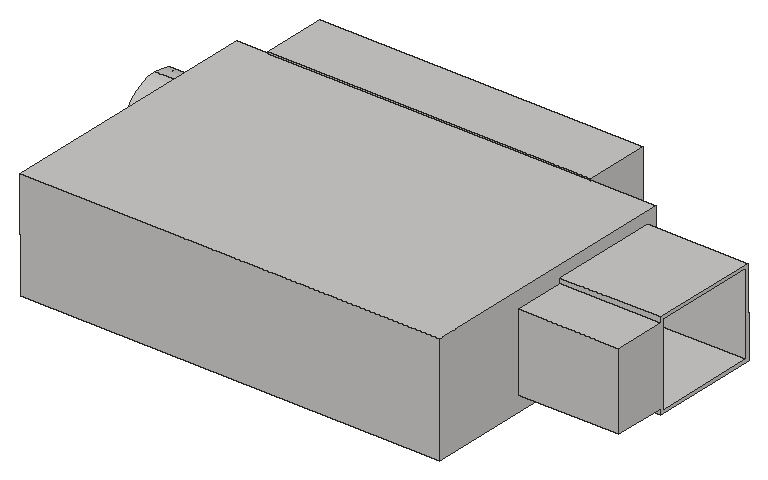
Revit family
Parameters
  Width = 2' - 2"
  Voltage = 480 V
  Unit Weight = "136.0 lbs"
  URL = "http://www.titus-hvac.com/"
  UL = "181"
  Supply Air Flow [instance] = 0 CFM
  Primary Air Pressure Drop [instance] = 0.00 in-wg
  Primary Air Flow [instance] = 0 CFM
  Plenum Air Pressure Drop [instance] = 0.00 in-wg
  Plenum Air Flow [instance] = 0 CFM
  Outlet Width = 0' - 10 1/2"
  Outlet Vertical Offset = 0' - 2 1/4"
  Outlet Horizontal Offset = 0' - 1 1/16"
  Outlet Height = 0' - 8 3/8"
  Number of Poles = 3
  Nominal Width = Width + 0' 6 1/4"  # 2' - 8 1/4"
  Nominal Length = Length + 0' 3 3/8" + 0' 9 3/4"  # 4' - 5 3/8"
  Nominal Inlet Size = 0' - 8"
  Nominal Height = 0' - 10 5/8"
  NFPA = "90A"
  Motor on Phase [instance] = 1
  Motor Full Load Amps [instance] = 1.2 A
  Model = "DFLS"
  Min. Air Flow = 0 CFM
  Max. Air Flow = 900 CFM
  Material = Steel
  Manufacturer = "Titus"
  Lynergy Controlled Heater = no
  Length = 3' - 4 1/4"
  Juction Box Offset = 0' - 3"
  Inlet Diameter = Nominal Inlet Size - 0' 0 1/8"  # 0' - 7 7/8"
  Induced Air Inlet Vertical Offset = 0' - 0 5/8"
  Induced Air Inlet Horizontal Offset = 0' - 0 7/8"
  Induced Air Inlet Width = 1' - 2 5/8"
  Induced Air Inlet Height = 0' - 8 3/4"
  Induced Air Filter = no
  Height = 0' - 10 1/2"
  Heating Total Capacity [instance] = 0 Btu/h
  Half Outlet Connection Width = Outlet Width / 2  # 0' - 5 1/4"
  Half Outlet Connection Height = Outlet Height / 2  # 0' - 4 3/16"
  Half Height Start = -(Height / 2)  # -0' - 5 1/4"
  Half Height End = Height / 2  # 0' - 5 1/4"
  HP-Motor = "1/6"
  Fuse Block = no
  Frequency = 60 Hz
  Foil Face Liner = Choose Liner Option = 1  # no
  Fiber Free Liner = Choose Liner Option = 2  # no
  Electric Heat Power [instance] = 0 VA
  Duct Radius = Nominal Inlet Size / 2  # 0' - 4"
  Disconnect Switch = no
  Description = "Series Fan Powered Terminal Unit, Direct Digital Control, Pressure Independent, Low Profile"
  Connection Void Radius = Connection Radius - 0' 0 1/4"  # 0' - 3 11/16"
  Connection Radius = Inlet Diameter / 2  # 0' - 3 15/16"
  Choose Liner Option = 0
  CADworks URL = "www.CADworks.net"
  Assembly Code = "D3040100"
  Apparent Load Phase C [instance] = Electric Heat Power / 3 + if(Motor on Phase = 3, Motor Full Load Amps * 277 V, 0 VA)  # 0 VA
  Apparent Load Phase B [instance] = Electric Heat Power / 3 + if(Motor on Phase = 2, Motor Full Load Amps * 277 V, 0 VA)  # 0 VA
  Apparent Load Phase A [instance] = Electric Heat Power / 3 + if(Motor on Phase = 1, Motor Full Load Amps * 277 V, 0 VA)  # 332.4 VA
  Air Inlet Offset = 0' - 5 5/8"
  1/2" Fiberglass Liner = Choose Liner Option = 0  # yes
Reference planes (in)
  plane 1 "Center (Front/Back)": y = 0
  plane 2: z = 0
  plane 3 "Center (Left/Right)": x = 3
  plane 4: x = -17.125
  plane 5: x = 23.125
  plane 6: x = -14.125
  plane 7: x = -20.5
  plane 8 "Center (Elevation)": z = 0
  plane 9: y = -13
  plane 10: y = 13
  plane 11: y = 7.375
  plane 12: y = -12.125
  plane 13: y = 19.25
  plane 14: x = 32.875
  plane 15: x = -11.125
  plane 16: z = 5.25
  plane 17: z = -5.25
Forms (in)
  Extrusion 1, solid, material "Steel" <- "Material"
    sketch origin (0, 0, 0) x (1, 0, 0) y (0, 1, 0)
      loop
        line (-17.125, 13) -> (-17.125, -13) -> (23.125, -13) -> (23.125, 13) -> (-17.125, 13)
    from -5.25 <- "Half Height Start" to 5.25 <- "Half Height End"
  Extrusion 2, solid, material "Steel" <- "Material"
    sketch origin (4.5, 0, -4.25) x (1, 0, 0) y (0, 1, 0)
      loop
        line (-18.625, 13) -> (12.375, 13) -> (12.375, 19.25) -> (-18.625, 19.25) -> (-18.625, 13)
    from 0 to 9.625
  Extrusion 3, solid, material "Steel" <- "Material"
    sketch origin (-24.875, -5.125, 0) x (0, 0, -1) y (0, 1, 0)
      loop
        circle (0, 12.5) r 3.9375
    from 4.375 to 7.75
  Extrusion 4, void
    sketch origin (-24.875, 0, 0) x (0, 1, 0) y (0, 0, 1)
      loop
        circle (7.375, 0) r 3.6875
    from 4.375 to 13.75
  Extrusion 5, void
    sketch origin (-17.125, -13, 0) x (0, -1, 0) y (0, 0, -1)
      loop
        line (-15.5, -4.125) -> (-0.875, -4.125) -> (-0.875, 4.625) -> (-15.5, 4.625) -> (-15.5, -4.125)
    from 0 to 6
  Extrusion 6, solid, material "Steel" <- "Material"
    sketch origin (23.125, 42.625, 0) x (0, -1, 0) y (0, 0, -1)
      loop
        line (46.25, -3.6875) -> (46.25, 3.6875) -> (41.25, 3.6875) -> (41.25, 4.1875) -> (30.75, 4.1875) -> (30.75, -4.1875) -> (41.25, -4.1875) -> (41.25, -3.6875) -> (46.25, -3.6875)
      loop
        line (41, -3.9375) -> (41, 3.9375) -> (31, 3.9375) -> (31, -3.9375) -> (41, -3.9375)
    from 0 to 9.75
Cuts and joins
  Extrusion 4, Extrusion 5 cuts Extrusion 1
  Extrusion 4 cuts Extrusion 3
Dimensions and locks (in)
  "Length": plane 5 to plane 4
  equal spacing: plane 5, plane 3 "Center (Left/Right)", plane 4, locked at 20.125 each
  locked: Extrusion 2 to Extrusion 2 at 31
  "Juction Box Offset": plane 6 to plane 4
  locked: plane 4 to plane 7 at 3.375
  "Width": plane 9 to plane 10
  equal spacing: plane 9, plane 1 "Center (Front/Back)", plane 10, locked at 13 each
  locked: Extrusion 2 to Extrusion 2 at 6.25
  locked: cut or joined group of Extrusion 3, Extrusion 4 to plane 11 at 0
  locked: Extrusion 4 sketch curve to plane 11 at 0  (x2)
  "Air Inlet Offset": plane 10 to plane 11
  locked: cut or joined group of Extrusion 3, Extrusion 4 to cut or joined group of Extrusion 3, Extrusion 4 at 3.375
  "Induced Air Inlet Horizontal Offset": plane 9 to plane 12
  "Induced Air Inlet Width": Extrusion 5 sketch curve to Extrusion 5 sketch curve
  "Induced Air Inlet Height": Extrusion 5 sketch curve to Extrusion 5 sketch curve
  "Induced Air Inlet Horizontal Offset": Extrusion 5 sketch curve to plane 9
  locked: Extrusion 6 sketch curve to Extrusion 6 sketch curve at 5  (x2)
  locked: Extrusion 3 sketch curve to level at 0
  locked: Extrusion 3 sketch curve to plane 11 at 0
  locked: Extrusion 4 sketch curve to level at 0
  "Induced Air Inlet Vertical Offset": cut or joined group of Extrusion 1, Extrusion 4, Extrusion 5 to Extrusion 5 sketch curve
  locked: plane 4 to plane 15 at 6
  locked: Extrusion 2 to Extrusion 2 at 9.625
  locked: plane 17 to Extrusion 2 at 1
  equal spacing: plane 16, level, plane 17, locked at 5.25 each
  Extrusion 6 sketch curve to Extrusion 6 sketch curve = 0' - 7 3/8"
  equal spacing: Extrusion 6 sketch curve, level, Extrusion 6 sketch curve
  locked: Extrusion 6 sketch curve to Extrusion 6 sketch curve at 0.5  (x2)
  "Outlet Width": Extrusion 6 sketch curve to Extrusion 6 sketch curve
  locked: Extrusion 6 sketch curve to plane 10 at 1.125
  "Outlet Height": Extrusion 6 sketch curve to Extrusion 6 sketch curve
  equal spacing: Extrusion 6 sketch curve, level, Extrusion 6 sketch curve, locked at 4.1875 each
  locked: Extrusion 6 sketch curve to Extrusion 6 sketch curve at 0.25  (x6)
  "Connection Radius": radius of Extrusion 3 sketch curve
  "Connection Void Radius": radius of Extrusion 4 sketch curve
  aligned and locked: plane 15 to Extrusion 5
  aligned and locked: Extrusion 5 to Extrusion 4
  aligned and locked: plane 16 to cut or joined group of Extrusion 1, Extrusion 4, Extrusion 5
  aligned and locked: plane 17 to cut or joined group of Extrusion 1, Extrusion 4, Extrusion 5
  aligned and locked: plane 9 to cut or joined group of Extrusion 1, Extrusion 4, Extrusion 5
  aligned and locked: plane 10 to cut or joined group of Extrusion 1, Extrusion 4, Extrusion 5
  aligned and locked: plane 10 to Extrusion 2
  aligned and locked: plane 13 to Extrusion 2
  aligned and locked: plane 14 to Extrusion 6
  aligned and locked: plane 5 to cut or joined group of Extrusion 1, Extrusion 4, Extrusion 5
  aligned and locked: plane 4 to cut or joined group of Extrusion 1, Extrusion 4, Extrusion 5  (x2)
  aligned and locked: plane 12 to cut or joined group of Extrusion 1, Extrusion 4, Extrusion 5
  aligned and locked: plane 15 to cut or joined group of Extrusion 1, Extrusion 4, Extrusion 5  (x2)
  aligned and locked: plane 7 to cut or joined group of Extrusion 3, Extrusion 4  (x2)
  aligned and locked: plane 4 to cut or joined group of Extrusion 3, Extrusion 4
  aligned and locked: plane 6 to Extrusion 2
  aligned and locked: plane 5 to Extrusion 6
Automatic sketch dimensions
  Extrusion 1 sketch curve to plane 4 = 0' - 0"
  Extrusion 1 sketch curve to plane 5 = 0' - 0"
  Extrusion 1 sketch curve to plane 9 = 0' - 0"
  Extrusion 1 sketch curve to plane 10 = 0' - 0"
  Extrusion 2 sketch curve to plane 6 = 0' - 0"
  Extrusion 2 sketch curve to plane 10 = 0' - 0"
  Extrusion 2 sketch curve to plane 5 = 0' - 6 1/4"
  Extrusion 2 sketch curve to Extrusion 2 sketch curve = 0' - 6 1/4"
Connectors (in)
  electrical at (1.375, 19.25, 0.5625), driven by "Voltage", driven by "Number of Poles", driven by "Apparent Load Phase C", driven by "Apparent Load Phase B", driven by "Apparent Load Phase A"
    settings: on Extrusion 2, index 8
  hvac at (-20.5, 7.375, 0), driven by "Primary Air Flow", driven by "Duct Radius", driven by "Primary Air Pressure Drop"
    settings: on cut or joined group of Extrusion 3, Extrusion 4, index 9
  hvac at (-17.125, -4.8125, -0.25), driven by "Plenum Air Flow", driven by "Induced Air Inlet Height", driven by "Induced Air Inlet Width", driven by "Plenum Air Pressure Drop"
    settings: on cut or joined group of Extrusion 1, Extrusion 4, Extrusion 5, index 10
  hvac at (32.875, 6.625, 0), driven by "Supply Air Flow", driven by "Outlet Height", driven by "Outlet Width"
    settings: on Extrusion 6, index 13
